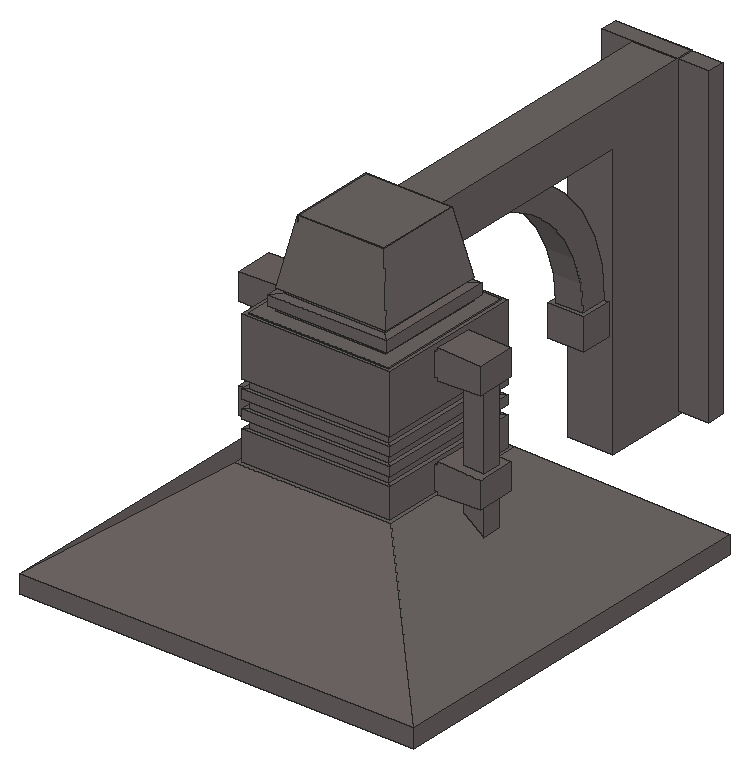
Revit family "PKWM_ANG_PSWM_BD", category Lighting Fixtures, Revit 2021
Family settings
  Round Connector Dimension = Use Diameter
  Part Type = Normal
  OmniClass Number = 23.80.70.14
  OmniClass Title = Luminaries for External Lighting
  Work Plane-Based = No
  Always vertical = Yes
  Cut with Voids When Loaded = No
  Light Source = No
  Shared = No
  Room Calculation Point = No
Parameters (values of type "PKWM ANG PSWM-BRM")
  Photometric Web = PKWM : PKWM-ANG-Y3HC-32LED-3K-700
  Mount Width = 8.000"  # constant formula
  Half Width = Width / 2  # 11.000"
  Width = 22.000"  # constant formula
  Wattage Comments = "LU100"
  Voltage = 277 V
  Type Comments = "Parkway Square"  # constant formula
  Half Base Width = Base Width / 2  # 2.375"
  built-in parameter 1154647 = 0.000"
  Default Elevation = 0.000"
  Hood Height = 7.15625"  # constant formula
  URL = "https://www.currentlighting.com/aal"
  Series = "Period Luminaires"  # constant formula
  Power Factor = 1  # constant formula
  OmniClass Title = "Wall Mounted External Lighting"  # constant formula
  OmniClass Number = "23.80.70.14.11.17"  # constant formula
  Number of Poles = 1
  Note Visible = yes
  Note Text = "LF"  # constant formula
  Model = "Load Type Catalog for configurations"
  MasterFormat Title = "Area Lighting"  # constant formula
  MasterFormat Number = "26.56.29"  # constant formula
  Manufacturer = "Architectural Area Lighting"  # constant formula
  Lamp = "Load Type Catalog for configurations"
  Housing Finish = Aluminum-Metalic Bronze
  Height = 18.375"  # constant formula
  Glazing Type = Glass-Frosted
  Full Load Current = 0.73 A  # constant formula
  Frequency = 60 Hz  # constant formula
  Description = "Exterior Lighting"  # constant formula
  Created By = "CADdetails, LTD"  # constant formula
  Base Width = 4.750"  # constant formula
  Assembly Code = "D5020200"
  Apparent Load = 57 VA
  Absolute Lumens = 9300 lm
Types (14): name | Photometric Web | URL | Housing Finish
  (no name) | PKWM : PKWM-ANG-Y3HC-32LED-3K-700 | "https://www.currentlighting.com/aal" | Aluminum-Metalic Bronze
  PKWM ANG PSWM-ATG | PKWM : PKWM-ANG-T5-60LED-BW | "https://www.currentlighting.com/aal" | Aluminum-Antique Green
  PKWM ANG PSWM-AWT | PKWM : PKWM-ANG-T3-60LED-BW | "https://www.currentlighting.com/aal" | Aluminum-Artic White
  PKWM ANG PSWM-BLK | PKWM : PKWM-ANG-T3-60LED-BW | "https://www.currentlighting.com/aal" | Aluminum-Black
  PKWM ANG PSWM-MTB | PKWM : PKWM-ANG-T3-60LED-BW | "https://www.currentlighting.com/aal" | Aluminum-Matte Black
  PKWM ANG PSWM-DGN | PKWM : PKWM-ANG-T3-60LED-BW | "www.aal.nethttps://www.currentlighting.com/aal" | Aluminum-Dark Green
  PKWM ANG PSWM-DBZ | PKWM : PKWM-ANG-T3-60LED-BW | "https://www.currentlighting.com/aal" | Aluminum-Dark Bronze
  PKWM ANG PSWM-WRZ | PKWM : PKWM-ANG-T3-60LED-BW | "https://www.currentlighting.com/aal" | Aluminum-Weathered Bronze
  PKWM ANG PSWM-BRM | PKWM : PKWM-ANG-Y3HC-32LED-3K-700 | "https://www.currentlighting.com/aal" | Aluminum-Metalic Bronze
  PKWM ANG PSWM-VBL | PKWM : PKWM-ANG-T3-60LED-BW | "https://www.currentlighting.com/aal" | Aluminum-Verde Blue
  PKWM ANG PSWM-CRT | PKWM : PKWM-ANG-T3-60LED-BW | "https://www.currentlighting.com/aal" | Aluminum-Corten
  PKWM ANG PSWM-MAL | PKWM : PKWM-ANG-T3-60LED-BW | "https://www.currentlighting.com/aal" | Aluminum-Matte
  PKWM ANG PSWM-MDG | PKWM : PKWM-ANG-T3-60LED-BW | "https://www.currentlighting.com/aal" | Aluminum-Medium Grey
  PKWM ANG PSWM-LGY | PKWM : PKWM-ANG-T3-60LED-BW | "https://www.currentlighting.com/aal" | Aluminum-Light Grey
Reference planes (in)
  plane 1 "Light Source Axis (F/B)": y = 2.77989
  plane 2 "Bottom": z = 0.00193
  plane 3 "Light Source Axis (L/R)": x = -1.14373
  plane 4 "Light Source Elevation": z = 2.87693
  plane 5 "Top": z = 18.37693
  plane 6: x = -3.51873
  plane 7 "Left": x = -12.14373
  plane 8: x = 1.23127
  plane 9 "Right": x = 9.85627
  plane 10: y = 5.15489
  plane 11 "Back": y = 13.77989
  plane 12: y = 0.40489
  plane 13 "Front": y = -8.22011
  plane 14 "Wall": y = 23.34239
  plane 15: z = 6.16588
  plane 16: z = 13.56443
  plane 17: y = 7.15489
  plane 18: y = -1.59511
Forms (in)
  Extrusion 1, solid, material "Aluminum-Metalic Bronze" <- "Housing Finish"
    sketch origin (0, 2.77989, 0) x (1, 0, 0) y (0, 0, 1)
      loop
        line (-3.51873, 6.16588) -> (1.23127, 6.16588) -> (1.23127, 18.37693) -> (-3.51873, 18.37693) -> (-3.51873, 6.16588)
    from -2.375 to 2.375
  Sweep 2, solid, material "Aluminum-Metalic Bronze" <- "Housing Finish", detail levels medium+fine
    path origin (0, 0, 0.00193) x (1, 0, 0) y (0, 1, 0)
      loop
        line (9.85627, 13.77989) -> (-12.14373, 13.77989) -> (-12.14373, -8.22011) -> (9.85627, -8.22011) -> (9.85627, 13.77989)
    profile origin (-1.14373, 13.77989, 0.00193) x (0, -1, 0) y (0, 0, 1)
      loop
        line (0, 0.1875) -> (6.625, 0.1875) -> (6.625, 6.03895) -> (8.625, 6.03895) -> (8.625, 18.375) -> (7.94127, 14.76725) -> (8.188, 14.75) -> (8.188, 14.5) -> (7.688, 14.48254) -> (7.688, 13.89248) -> (7.938, 13.875) -> (7.938, 13.625) -> (7.094, 13.625) -> (7.094, 13.5625) -> (6.875, 13.5625) -> (6.875, 10.32996) -> (7.125, 10.32123) -> (7.125, 9.82123) -> (6.875, 9.8125) -> (6.875, 9.32996) -> (7.125, 9.32123) -> (7.125, 8.82123) -> (6.875, 8.8125) -> (6.875, 8.32996) -> (7.125, 8.32123) -> (7.125, 7.82123) -> (6.875, 7.8125) -> (6.875, 6.16395) -> (6.656, 6.16395) -> (0, 1.1875) -> (0, 0.1875)
  Extrusion 3, solid, material "Aluminum-Metalic Bronze" <- "Housing Finish", detail levels fine
    sketch origin (0, 2.77989, 0) x (1, 0, 0) y (0, 0, 1)
      loop
        line (-7.89373, 13.41899) -> (-7.89373, 11.95987) -> (-5.51873, 11.87693) -> (-5.51873, 12.01066) -> (-5.26873, 12.01066) -> (-5.26873, 13.3052) -> (-5.51873, 13.3052) -> (-5.51873, 13.50193) -> (-7.89373, 13.41899)
      loop
        line (-7.89373, 7.73199) -> (-7.89373, 6.27287) -> (-5.51873, 6.18993) -> (-5.51873, 6.32366) -> (-5.26873, 6.32366) -> (-5.26873, 7.6182) -> (-5.51873, 7.6182) -> (-5.51873, 7.81493) -> (-7.89373, 7.73199)
      loop
        line (5.60627, 13.41899) -> (3.23127, 13.50193) -> (3.23127, 13.3052) -> (2.98127, 13.3052) -> (2.98127, 12.01066) -> (3.23127, 12.01066) -> (3.23127, 11.87693) -> (5.60627, 11.95987) -> (5.60627, 13.41899)
      loop
        line (5.60627, 7.73199) -> (3.23127, 7.81493) -> (3.23127, 7.6182) -> (2.98127, 7.6182) -> (2.98127, 6.32366) -> (3.23127, 6.32366) -> (3.23127, 6.18993) -> (5.60627, 6.27287) -> (5.60627, 7.73199)
    from -1.0625 to 1.0625
  Extrusion 4, solid, material "Aluminum-Metalic Bronze" <- "Housing Finish", detail levels fine
    sketch origin (0, 2.77989, 0) x (1, 0, 0) y (0, 0, 1)
      loop
        line (-7.64373, 11.95114) -> (-7.64373, 7.74072) -> (-6.51873, 7.78001) -> (-6.51873, 11.91185) -> (-7.64373, 11.95114)
      loop
        line (-7.64373, 6.26414) -> (-7.64373, 4.55392) -> (-6.51873, 5.39504) -> (-6.51873, 6.22485) -> (-7.64373, 6.26414)
      loop
        line (5.35627, 11.95114) -> (4.23127, 11.91185) -> (4.23127, 7.78001) -> (5.35627, 7.74072) -> (5.35627, 11.95114)
      loop
        line (5.35627, 6.26414) -> (4.23127, 6.22485) -> (4.23127, 5.39504) -> (5.35627, 4.55392) -> (5.35627, 6.26414)
    from -0.52758 to 0.52758
  Extrusion 5, solid, material "Glass-Frosted" <- "Glazing Type"
    sketch origin (3.23127, 7.15489, 0.18943) x (0, 1, 0) y (1, 0, 0)
      loop
        line (0, -8.75) -> (0, 0) -> (-8.75, 0) -> (-8.75, -8.75) -> (0, -8.75)
    from 0 to -0.125
  Extrusion 6, solid, material "Aluminum-Metalic Bronze" <- "Housing Finish", detail levels medium+fine
    sketch origin (-1.14373, 0, 0) x (0, 1, 0) y (0, 0, 1)
      loop
        line (22.34239, 17.81443) -> (22.34239, 0.25193) -> (23.34239, 0.25193) -> (23.34239, 17.81443) -> (22.34239, 17.81443)
    from -3 to 3
  Extrusion 7, solid, material "Aluminum-Metalic Bronze" <- "Housing Finish", detail levels medium+fine
    sketch origin (-1.14373, 23.34239, 9.18943) x (0, -1, 0) y (0, 0, -1)
      loop
        arc (14.7625, -6.125) -> (9.28242, -3.85508) -> (7.0125, 1.625) r 7.75
        line (7.0125, 1.625) -> (5.5125, 1.625)
        arc (5.5125, 1.625) -> (6.63007, -2.78251) -> (9.71275, -6.125) r 9.25
        line (9.71275, -6.125) -> (14.7625, -6.125)
    from 0.75 to -0.75
  Extrusion 8, solid, material "Aluminum-Metalic Bronze" <- "Housing Finish", detail levels fine
    sketch origin (-1.14373, 0, 0) x (0, 1, 0) y (0, 0, 1)
      loop
        line (16.07989, 7.56443) -> (16.07989, 5.81443) -> (17.82989, 5.81443) -> (17.82989, 7.56443) -> (16.07989, 7.56443)
    from -1 to 1
  Extrusion 9, solid, material "Aluminum-Metalic Bronze" <- "Housing Finish"
    sketch origin (-1.14373, 0, 0) x (0, 1, 0) y (0, 0, 1)
      loop
        line (5.26149, 17.81443) -> (5.73529, 15.31443) -> (17.82989, 15.31443) -> (17.82989, 0.00193) -> (23.34239, 0.00193) -> (23.34239, 17.81443) -> (5.26149, 17.81443)
    from -1.25 to 1.25
Cuts and joins
  joined: Extrusion 6, Extrusion 7
  joined: Extrusion 1, Extrusion 9
Lines and regions (in)
  Masking region 1
    outline origin (0, 0, 2.87693) x (0, -1, 0) y (1, 0, 0)
      loop
        line (-13.77989, -12.14373) -> (8.22011, -12.14373) -> (8.22011, 9.85627) -> (-13.77989, 9.85627) -> (-13.77989, 0.85627) -> (-21.84239, 0.85627) -> (-21.84239, 1.35627) -> (-22.34239, 1.35627) -> (-22.34239, 1.85627) -> (-23.34239, 1.85627) -> (-23.34239, -4.14373) -> (-22.34239, -4.14373) -> (-22.34239, -3.64373) -> (-21.84239, -3.64373) -> (-21.84239, -3.14373) -> (-13.77989, -3.14373) -> (-13.77989, -12.14373)
  Masking region 2, detail levels medium+fine
    outline origin (0, 0, 2.87693) x (0, -1, 0) y (1, 0, 0)
      loop
        line (-7.15489, -5.51873) -> (1.59511, -5.51873) -> (1.59511, 3.23127) -> (-7.15489, 3.23127) -> (-7.15489, 0.85627) -> (-17.39239, 0.85627) -> (-17.39239, 0.10627) -> (-19.70489, 0.10627) -> (-19.70489, -2.39373) -> (-17.39239, -2.39373) -> (-17.39239, -3.14373) -> (-7.15489, -3.14373) -> (-7.15489, -5.51873)
      loop
        line (-22.34239, -3.64373) -> (-21.84239, -3.64373) -> (-21.84239, 1.35627) -> (-22.34239, 1.35627) -> (-22.34239, -3.64373)
  Masking region 3, detail levels fine
    outline origin (0, 0, 2.87693) x (0, -1, 0) y (1, 0, 0)
      loop
        line (-6.09189, -4.45573) -> (0.53211, -4.45573) -> (0.53211, 2.16827) -> (-6.09189, 2.16827) -> (-6.09189, -4.45573)
      loop
        line (-5.59189, -3.95573) -> (0.03211, -3.95573) -> (0.03211, 1.66827) -> (-5.59189, 1.66827) -> (-5.59189, -3.95573)
      loop
        line (-20.32989, -3.14373) -> (-13.77989, -3.14373) -> (-13.77989, 0.85627) -> (-20.32989, 0.85627) -> (-20.32989, -3.14373)
  Masking region 4, detail levels medium+fine
    outline origin (-1.14373, 0, 0) x (0, 1, 0) y (0, 0, 1)
      loop
        line (13.77989, 0.18943) -> (13.77989, 1.18943) -> (7.12389, 6.16588) -> (6.90489, 6.16588) -> (6.90489, 7.81443) -> (6.65489, 7.82316) -> (6.65489, 8.32316) -> (6.90489, 8.33189) -> (6.90489, 8.81443) -> (6.65489, 8.82316) -> (6.65489, 9.32316) -> (6.90489, 9.33189) -> (6.90489, 9.81443) -> (6.65489, 9.82316) -> (6.65489, 10.32316) -> (6.90489, 10.33189) -> (6.90489, 13.56443) -> (6.68589, 13.56443) -> (6.68589, 13.62693) -> (5.84189, 13.62693) -> (5.84189, 13.87693) -> (6.09189, 13.89441) -> (6.09189, 14.48447) -> (5.59189, 14.50193) -> (5.59189, 14.75193) -> (5.83862, 14.76918) -> (5.15489, 18.37693) -> (0.40489, 18.37693) -> (-0.27884, 14.76918) -> (-0.03211, 14.75193) -> (-0.03211, 14.50193) -> (-0.53211, 14.48447) -> (-0.53211, 13.89441) -> (-0.28211, 13.87693) -> (-0.28211, 13.62693) -> (-1.12611, 13.62693) -> (-1.12611, 13.56443) -> (-1.34511, 13.56443) -> (-1.34511, 10.33189) -> (-1.09511, 10.32316) -> (-1.09511, 9.82316) -> (-1.34511, 9.81443) -> (-1.34511, 9.33189) -> (-1.09511, 9.32316) -> (-1.09511, 8.82316) -> (-1.34511, 8.81443) -> (-1.34511, 8.33189) -> (-1.09511, 8.32316) -> (-1.09511, 7.82316) -> (-1.34511, 7.81443) -> (-1.34511, 6.16588) -> (-1.56411, 6.16588) -> (-8.22011, 1.18943) -> (-8.22011, 0.18943) -> (-7.78261, 0.18943) -> (-7.78261, 0.00193) -> (2.40489, 0.00193) -> (2.40489, 0.18943) -> (3.15489, 0.18943) -> (3.15489, 0.00193) -> (13.34239, 0.00193) -> (13.34239, 0.18943) -> (13.77989, 0.18943)
  Masking region 5, detail levels medium+fine
    outline origin (-1.14373, 23.34239, 9.18943) x (0, -1, 0) y (0, 0, -1)
      loop
        line (3.0125, -8.625) -> (18.0809, -8.625) -> (17.6071, -6.125) -> (14.7625, -6.125)
        arc (14.7625, -6.125) -> (9.28242, -3.85508) -> (7.0125, 1.625) r 7.75
        line (7.0125, 1.625) -> (7.2625, 1.625) -> (7.2625, 3.375) -> (5.5125, 3.375) -> (5.5125, 9) -> (3.6375, 10) -> (3.0125, 10) -> (3.0125, 6.375) -> (1.5, 6.375) -> (1.5, 8.4375) -> (1, 8.4375) -> (1, 8.9375) -> (0, 8.9375) -> (0, -8.625) -> (1, -8.625) -> (1, -8.125) -> (1.5, -8.125) -> (1.5, -5.625) -> (3.0125, -5.625) -> (3.0125, -8.625)
      loop
        line (5.5125, -6.125) -> (9.71275, -6.125)
        arc (9.71275, -6.125) -> (6.63007, -2.78251) -> (5.5125, 1.625) r 9.25
        line (5.5125, 1.625) -> (5.5125, -6.125)
      loop
        line (3.0125, 2.375) -> (1.5, 2.375) -> (1.5, -2.75) -> (3.0125, -2.75) -> (3.0125, 2.375)
  Masking region 6, detail levels fine
    outline origin (-1.14373, 0, 0) x (0, 1, 0) y (0, 0, 1)
      loop
        line (3.84239, 11.87693) -> (3.84239, 13.50193) -> (1.71739, 13.50193) -> (1.71739, 11.87693) -> (2.25231, 11.87693) -> (2.25231, 7.81493) -> (1.71739, 7.81493) -> (1.71739, 6.18993) -> (2.25231, 6.18993) -> (2.25231, 4.55392) -> (3.30747, 4.55392) -> (3.30747, 6.18993) -> (3.84239, 6.18993) -> (3.84239, 7.81493) -> (3.30747, 7.81493) -> (3.30747, 11.87693) -> (3.84239, 11.87693)
      loop
        line (21.84239, 14.81443) -> (19.07989, 14.81443) -> (19.07989, 11.93943) -> (21.84239, 11.93943) -> (21.84239, 14.81443)
      loop
        line (21.84239, 6.81443) -> (19.07989, 6.81443) -> (19.07989, 2.81443) -> (21.84239, 2.81443) -> (21.84239, 6.81443)
      loop
        line (17.82989, 7.56443) -> (16.07989, 7.56443) -> (16.07989, 5.81443) -> (17.82989, 5.81443) -> (17.82989, 7.56443)
  Masking region 7, detail levels coarse
    outline origin (-1.14373, 0, 0) x (0, 1, 0) y (0, 0, 1)
      loop
        line (23.34239, 18.37693) -> (-1.59511, 18.37693) -> (-1.59511, 6.1427) -> (-8.22011, 1.18943) -> (-8.22011, 0.00193) -> (13.77989, 0.00193) -> (13.77989, 1.18943) -> (7.15489, 6.1427) -> (7.15489, 15.31443) -> (17.82989, 15.31443) -> (17.82989, 0.00193) -> (23.34239, 0.00193) -> (23.34239, 18.37693)
  Masking region 8, detail levels medium+fine
    outline origin (0, 2.77989, 0) x (1, 0, 0) y (0, 0, 1)
      loop
        line (-12.14373, 1.18943) -> (-12.14373, 0.18943) -> (-11.70623, 0.18943) -> (-11.70623, 0.00193) -> (-1.51218, 0.00193) -> (-1.51218, 0.18943) -> (-0.77528, 0.18943) -> (-0.77528, 0.00193) -> (9.41877, 0.00193) -> (9.41877, 0.18943) -> (9.85627, 0.18943) -> (9.85627, 1.18943) -> (5.35627, 4.55392) -> (5.35627, 6.26414) -> (5.60627, 6.27287) -> (5.60627, 7.73199) -> (5.35627, 7.74072) -> (5.35627, 11.95114) -> (5.60627, 11.95987) -> (5.60627, 13.41899) -> (3.23127, 13.50193) -> (3.23127, 13.3052) -> (2.98127, 13.3052) -> (2.98127, 13.56443) -> (2.76227, 13.56443) -> (2.76227, 13.62693) -> (1.91827, 13.62693) -> (1.91827, 13.87693) -> (2.16827, 13.89441) -> (2.16827, 14.48447) -> (1.66827, 14.50193) -> (1.66827, 14.75193) -> (1.915, 14.76918) -> (1.23127, 18.37693) -> (-3.51873, 18.37693) -> (-4.20246, 14.76918) -> (-3.95573, 14.75193) -> (-3.95573, 14.50193) -> (-4.45573, 14.48447) -> (-4.45573, 13.89441) -> (-4.20573, 13.87693) -> (-4.20573, 13.62693) -> (-5.04973, 13.62693) -> (-5.04973, 13.56443) -> (-5.26873, 13.56443) -> (-5.26873, 13.3052) -> (-5.51873, 13.3052) -> (-5.51873, 13.50193) -> (-7.89373, 13.41899) -> (-7.89373, 11.95987) -> (-7.64373, 11.95114) -> (-7.64373, 7.74072) -> (-7.89373, 7.73199) -> (-7.89373, 6.27287) -> (-7.64373, 6.26414) -> (-7.64373, 4.55392) -> (-12.14373, 1.18943)
      loop
        line (-6.51873, 5.39504) -> (-5.48773, 6.16588) -> (-5.26873, 6.16588) -> (-5.26873, 6.32366) -> (-5.51873, 6.32366) -> (-5.51873, 6.18993) -> (-6.51873, 6.22485) -> (-6.51873, 5.39504)
      loop
        line (-6.51873, 7.78001) -> (-5.51873, 7.81493) -> (-5.51873, 7.6182) -> (-5.26873, 7.6182) -> (-5.26873, 7.81443) -> (-5.01873, 7.82316) -> (-5.01873, 8.32316) -> (-5.26873, 8.33189) -> (-5.26873, 8.81443) -> (-5.01873, 8.82316) -> (-5.01873, 9.32316) -> (-5.26873, 9.33189) -> (-5.26873, 9.81443) -> (-5.01873, 9.82316) -> (-5.01873, 10.32316) -> (-5.26873, 10.33189) -> (-5.26873, 12.01066) -> (-5.51873, 12.01066) -> (-5.51873, 11.87693) -> (-6.51873, 11.91185) -> (-6.51873, 7.78001)
      loop
        line (2.98127, 6.32366) -> (2.98127, 6.16588) -> (3.20027, 6.16588) -> (4.23127, 5.39504) -> (4.23127, 6.22485) -> (3.23127, 6.18993) -> (3.23127, 6.32366) -> (2.98127, 6.32366)
      loop
        line (4.23127, 11.91185) -> (3.23127, 11.87693) -> (3.23127, 12.01066) -> (2.98127, 12.01066) -> (2.98127, 10.33189) -> (2.73127, 10.32316) -> (2.73127, 9.82316) -> (2.98127, 9.81443) -> (2.98127, 9.33189) -> (2.73127, 9.32316) -> (2.73127, 8.82316) -> (2.98127, 8.81443) -> (2.98127, 8.33189) -> (2.73127, 8.32316) -> (2.73127, 7.82316) -> (2.98127, 7.81443) -> (2.98127, 7.6182) -> (3.23127, 7.6182) -> (3.23127, 7.81493) -> (4.23127, 7.78001) -> (4.23127, 11.91185)
  Masking region 9, detail levels coarse
    outline origin (-12.14373, 2.77989, 9.18943) x (1, 0, 0) y (0, 0, 1)
      loop
        line (6.625, 9.1875) -> (6.625, -3.04673) -> (0, -8) -> (0, -9.1875) -> (22, -9.1875) -> (22, -8) -> (15.375, -3.04673) -> (15.375, 9.1875) -> (6.625, 9.1875)
  symbolic lines, style "LightingFixturesHiddenLines", detail levels coarse
    curve 1: line (-12.14373, 13.77989, 2.87693) -> (9.85627, -8.22011, 2.87693)
    curve 2: line (9.85627, 13.77989, 2.87693) -> (-12.14373, -8.22011, 2.87693)
  symbolic lines, detail levels fine
    curve 3: line (-12.14373, 13.77989, 2.87693) -> (-5.60899, 7.24515, 2.87693)
    curve 4: line (9.85627, 13.77989, 2.87693) -> (3.32153, 7.24515, 2.87693)
    curve 5: line (9.85627, -8.22011, 2.87693) -> (3.32153, -1.68537, 2.87693)
    curve 6: line (-5.60899, -1.68537, 2.87693) -> (-12.14373, -8.22011, 2.87693)
    curve 8: line (-1.14373, 22.34239, 17.81443) -> (-1.14373, 22.34239, 0.25193)
    curve 9: line (-1.14373, -0.27884, 14.76918) -> (-1.14373, 5.83862, 14.76918)
    curve 10: line (-1.14373, -0.53211, 14.48447) -> (-1.14373, 6.09189, 14.48447)
    curve 11: line (-1.14373, -0.53211, 13.89441) -> (-1.14373, 6.09189, 13.89441)
    curve 12: line (-1.14373, 6.68589, 13.62693) -> (-1.14373, -1.12611, 13.62693)
    curve 13: line (-1.14373, 6.90489, 13.56443) -> (-1.14373, -1.34511, 13.56443)
    curve 14: line (-1.14373, 3.84239, 11.87693) -> (-1.14373, 1.71739, 11.87693)
    curve 15: line (-1.14373, 6.90489, 7.81493) -> (-1.14373, -1.34511, 7.81493)
    curve 16: line (-1.14373, 3.84239, 6.18993) -> (-1.14373, 1.71739, 6.18993)
    curve 17: line (-1.14373, 3.30747, 5.39504) -> (-1.14373, 2.25231, 5.39504)
    curve 18: line (-1.14373, -1.34511, 10.33189) -> (-1.14373, 2.25231, 10.33189)
    curve 19: line (-1.14373, -1.34511, 9.81443) -> (-1.14373, 2.25231, 9.81443)
    curve 20: line (-1.14373, -1.34511, 9.33189) -> (-1.14373, 2.25231, 9.33189)
    curve 21: line (-1.14373, -1.34511, 8.81443) -> (-1.14373, 2.25231, 8.81443)
    curve 22: line (-1.14373, -1.34511, 8.33189) -> (-1.14373, 2.25231, 8.33189)
    curve 23: line (-1.14373, 6.90489, 6.16588) -> (-1.14373, 3.30747, 6.16588)
    curve 24: line (-1.14373, 2.25231, 6.16588) -> (-1.14373, -1.34511, 6.16588)
    curve 25: line (-1.14373, 3.30747, 8.33189) -> (-1.14373, 6.90489, 8.33189)
    curve 26: line (-1.14373, 3.30747, 8.81443) -> (-1.14373, 6.90489, 8.81443)
    curve 27: line (-1.14373, 3.30747, 9.33189) -> (-1.14373, 6.90489, 9.33189)
    curve 28: line (-1.14373, 3.30747, 9.81443) -> (-1.14373, 6.90489, 9.81443)
    curve 29: line (-1.14373, 3.30747, 10.33189) -> (-1.14373, 6.90489, 10.33189)
    curve 30: line (-1.14373, -8.22011, 0.18943) -> (-1.14373, 13.77989, 0.18943)
    curve 31: line (-1.14373, 5.73529, 15.31443) -> (-1.14373, 17.82989, 15.31443)
    curve 33: line (1.915, 2.77989, 14.76918) -> (-4.20246, 2.77989, 14.76918)
    curve 34: line (2.16827, 2.77989, 14.48447) -> (-4.45573, 2.77989, 14.48447)
    curve 35: line (2.16827, 2.77989, 13.89441) -> (-4.45573, 2.77989, 13.89441)
    curve 36: line (2.76227, 2.77989, 13.62693) -> (-5.04973, 2.77989, 13.62693)
    curve 37: line (2.98127, 2.77989, 13.56443) -> (-5.26873, 2.77989, 13.56443)
    curve 38: line (-5.26873, 2.77989, 13.56443) -> (-5.26873, 2.77989, 10.33189)
    curve 39: line (2.98127, 2.77989, 10.33189) -> (2.98127, 2.77989, 13.56443)
    curve 40: line (2.98127, 2.77989, 10.33189) -> (-5.26873, 2.77989, 10.33189)
    curve 41: line (2.98127, 2.77989, 9.81443) -> (-4.89373, 2.77989, 9.81443)
    curve 42: line (2.98127, 2.77989, 8.81443) -> (-5.26873, 2.77989, 8.81443)
    curve 43: line (2.98127, 2.77989, 8.33189) -> (-5.26873, 2.77989, 8.33189)
    curve 44: line (2.98127, 2.77989, 7.81443) -> (-5.26873, 2.77989, 7.81443)
    curve 45: line (-5.26873, 2.77989, 7.81443) -> (-5.26873, 2.77989, 6.16588)
    curve 46: line (2.98127, 2.77989, 6.16588) -> (2.98127, 2.77989, 7.81443)
    curve 47: line (-7.89373, 2.77989, 11.95987) -> (-5.51873, 2.77989, 11.87693)
    curve 48: line (3.23127, 2.77989, 11.87693) -> (5.60627, 2.77989, 11.95987)
    curve 49: line (-5.51873, 2.77989, 7.81493) -> (-7.89373, 2.77989, 7.73199)
    curve 50: line (-7.89373, 2.77989, 6.27287) -> (-6.51873, 2.77989, 6.22485)
    curve 51: line (2.98127, 2.77989, 6.16588) -> (-5.26873, 2.77989, 6.16588)
    curve 52: line (4.23127, 2.77989, 6.22485) -> (5.60627, 2.77989, 6.27287)
    curve 53: line (5.60627, 2.77989, 7.73199) -> (3.23127, 2.77989, 7.81493)
    curve 54: line (-5.48773, 2.77989, 6.16588) -> (-12.14373, 2.77989, 1.18943)
    curve 55: line (9.85627, 2.77989, 1.18943) -> (3.20027, 2.77989, 6.16588)
    curve 56: line (-12.14373, 2.77989, 0.18943) -> (9.85627, 2.77989, 0.18943)
    curve 57: line (2.98127, 2.77989, 9.33189) -> (-5.26873, 2.77989, 9.33189)
    curve 58: line (-5.51873, 1.71739, 0.00193) -> (-7.89373, 1.71739, 0.00193)
    curve 59: line (-7.89373, 1.71739, 0.00193) -> (-7.89373, 3.84239, 0.00193)
    curve 60: line (-7.89373, 3.84239, 0.00193) -> (-5.51873, 3.84239, 0.00193)
    curve 61: line (3.23127, 1.71739, 0.00193) -> (5.60627, 1.71739, 0.00193)
    curve 62: line (5.60627, 1.71739, 0.00193) -> (5.60627, 3.84239, 0.00193)
    curve 63: line (5.60627, 3.84239, 0.00193) -> (3.23127, 3.84239, 0.00193)
  reference lines
    curve 7: line (-1.14373, 23.34239, 9.18943) -> (-1.14373, -8.22011, 9.18943)
    curve 32: line (-12.14373, 2.77989, 9.18943) -> (9.85627, 2.77989, 9.18943)
Dimensions and locks (in)
  "Height": plane 5 "Top" to plane 2 "Bottom"
  "Default Elevation": plane 2 "Bottom" to level
  "Half Width": plane 3 "Light Source Axis (L/R)" to plane 7 "Left"
  "Half Width": plane 9 "Right" to plane 3 "Light Source Axis (L/R)"
  "Half Base Width": plane 3 "Light Source Axis (L/R)" to plane 6
  "Half Base Width": plane 8 to plane 3 "Light Source Axis (L/R)"
  "Half Width": plane 11 "Back" to plane 1 "Light Source Axis (F/B)"
  "Half Width": plane 13 "Front" to plane 1 "Light Source Axis (F/B)"
  "Half Base Width": plane 12 to plane 1 "Light Source Axis (F/B)"
  "Half Base Width": plane 1 "Light Source Axis (F/B)" to plane 10
  locked: plane 14 "Wall" to plane 12 at 22.9375
  locked: plane 4 "Light Source Elevation" to plane 2 "Bottom" at 2.875
  locked: plane 15 to plane 2 "Bottom" at 6.16395
  locked: plane 5 "Top" to plane 16 at 4.8125
  locked: plane 15 to Sweep 2 sketch curve at 0.125
  locked: profile plane to Sweep 2 sketch curve at 6.625
  locked: Sweep 2 sketch curve to profile plane at 0.1875
  locked: plane 13 "Front" to Extrusion 5 sketch curve at 6.625
  locked: plane 11 "Back" to Extrusion 5 sketch curve at 6.625
  locked: plane 7 "Left" to Extrusion 5 sketch curve at 6.625
  locked: Extrusion 5 sketch curve to plane 9 "Right" at 6.625
  locked: Extrusion 5 to plane 2 "Bottom" at 0.3125
  Extrusion 6 to Extrusion 8 to Extrusion 7 to plane 3 "Light Source Axis (L/R)" to Extrusion 7 to Extrusion 8 to Extrusion 6 = 2.000", 0.250" locked, 0.750" locked, 0.750" locked, 0.250" locked, 2.000"
  plane 5 "Top" to Extrusion 6 sketch curve to Extrusion 6 sketch curve = 0.5625" locked, 17.5625" locked
  locked: plane 14 "Wall" to Extrusion 6 sketch curve at 1
  plane 14 "Wall" to Extrusion 8 sketch curve to Extrusion 8 sketch curve = 5.5125" locked, 1.750" locked
  plane 5 "Top" to Extrusion 8 sketch curve to Extrusion 8 sketch curve = 10.8125" locked, 1.750" locked
  plane 5 "Top" to Extrusion 7 sketch curve to Extrusion 7 sketch curve = 3.0625" locked, 7.750" locked
  plane 14 "Wall" to Extrusion 7 sketch curve to Extrusion 7 sketch curve = 5.5125" locked, 1.500" locked
  equal spacing: plane 5 "Top", curve 7, plane 2 "Bottom"
  plane 5 "Top" to Extrusion 9 sketch curve to Extrusion 9 sketch curve = 0.5625" locked, 2.500" locked
  locked: plane 14 "Wall" to Extrusion 9 sketch curve at 5.5125
  Masking region 1 sketch curve to Masking region 1 sketch curve to plane 6 to Masking region 1 sketch curve = 0.500" locked, 0.125" locked, 0.375" locked
  Masking region 1 sketch curve to plane 8 to Masking region 1 sketch curve to Masking region 1 sketch curve = 0.375" locked, 0.125" locked, 0.500" locked
  equal spacing: plane 5 "Top", curve 32, plane 2 "Bottom"
  aligned and locked: plane 5 "Top" to Extrusion 1 sketch curve
  aligned and locked: Extrusion 1 sketch curve to plane 6
  aligned and locked: Extrusion 1 sketch curve to plane 8
  aligned and locked: plane 10 to Extrusion 1
  aligned and locked: plane 12 to Extrusion 1
  aligned and locked: plane 1 "Light Source Axis (F/B)" to nested 1
  aligned and locked: plane 3 "Light Source Axis (L/R)" to nested 1
  aligned and locked: Masking region 1 sketch curve to plane 13 "Front"
  aligned and locked: plane 7 "Left" to Masking region 1 sketch curve
  aligned and locked: plane 9 "Right" to Masking region 1 sketch curve
  aligned and locked: Masking region 1 sketch curve to plane 11 "Back"  (x2)
  aligned and locked: plane 9 "Right" to curve 1
  aligned and locked: plane 13 "Front" to curve 1
  aligned and locked: plane 11 "Back" to curve 2
  aligned and locked: plane 11 "Back" to curve 1
  aligned and locked: plane 13 "Front" to curve 2
  aligned and locked: plane 7 "Left" to curve 2
  aligned and locked: plane 14 "Wall" to Masking region 1 sketch curve
  aligned and locked: plane 11 "Back" to Sweep 2 sketch curve
  aligned and locked: Sweep 2 sketch curve to plane 7 "Left"
  aligned and locked: Sweep 2 sketch curve to plane 9 "Right"
  aligned and locked: plane 13 "Front" to Sweep 2 sketch curve
  aligned and locked: plane 10 to Sweep 2 sketch curve
  aligned and locked: Sweep 2 sketch curve to profile plane
  aligned and locked: Sweep 2 sketch curve to plane 15
  aligned and locked: Sweep 2 sketch curve to plane 16
  aligned and locked: plane 5 "Top" to Sweep 2 sketch curve
  aligned and locked: Extrusion 1 sketch curve to plane 15
  aligned and locked: Sweep 2 to Extrusion 4 sketch curve
  aligned and locked: Extrusion 4 sketch curve to Sweep 2
  aligned and locked: Sweep 2 to Extrusion 5
  aligned and locked: Extrusion 6 sketch curve to plane 14 "Wall"
  aligned and locked: plane 13 "Front" to curve 7
  aligned and locked: plane 14 "Wall" to curve 7
  aligned and locked: Sweep 2 to Extrusion 9 sketch curve
  aligned and locked: Extrusion 9 sketch curve to plane 14 "Wall"
  aligned and locked: Extrusion 9 sketch curve to plane 2 "Bottom"
  aligned and locked: Sweep 2 to Masking region 2 sketch curve  (x2)
  aligned and locked: plane 18 to Masking region 2 sketch curve
  aligned and locked: Masking region 2 sketch curve to plane 17
  aligned and locked: cut or joined group of Extrusion 6, Extrusion 7 to Masking region 2 sketch curve
  aligned and locked: Masking region 2 sketch curve to Masking region 3  (x2)
  aligned and locked: plane 11 "Back" to Masking region 3 sketch curve
  aligned and locked: Masking region 4 sketch curve to Sweep 2  (x49)
  aligned and locked: plane 15 to Masking region 4 sketch curve
  aligned and locked: plane 16 to Masking region 4 sketch curve
  aligned and locked: plane 5 "Top" to Masking region 4 sketch curve
  aligned and locked: Masking region 4 sketch curve to plane 15
  aligned and locked: Masking region 4 sketch curve to plane 13 "Front"
  aligned and locked: plane 2 "Bottom" to Masking region 4 sketch curve
  aligned and locked: Sweep 2 to Masking region 5 sketch curve
  aligned and locked: Masking region 5 sketch curve to cut or joined group of Extrusion 6, Extrusion 7  (x7)
  aligned and locked: Extrusion 8 to Masking region 5 sketch curve
  aligned and locked: Masking region 5 sketch curve to Extrusion 8  (x2)
  aligned and locked: Extrusion 3 to Masking region 6 sketch curve  (x4)
  aligned and locked: Masking region 6 sketch curve to Extrusion 3  (x7)
  aligned and locked: Extrusion 4 to Masking region 6 sketch curve  (x3)
  aligned and locked: Masking region 6 sketch curve to Extrusion 4  (x2)
  aligned and locked: Masking region 6 sketch curve to Extrusion 8  (x3)
  aligned and locked: curve 8 to cut or joined group of Extrusion 6, Extrusion 7
  aligned and locked: curve 9 to Sweep 2
  aligned and locked: curve 10 to Sweep 2
  aligned and locked: curve 11 to Sweep 2
  aligned and locked: Sweep 2 to curve 12
  aligned and locked: Sweep 2 to curve 13
  aligned and locked: curve 14 to Extrusion 3
  aligned and locked: curve 15 to Extrusion 3
  aligned and locked: curve 15 to Sweep 2
  aligned and locked: curve 16 to Extrusion 3
  aligned and locked: curve 17 to Extrusion 4
  aligned and locked: Sweep 2 to curve 18
  aligned and locked: Sweep 2 to curve 19
  aligned and locked: Sweep 2 to curve 20
  aligned and locked: Sweep 2 to curve 21
  aligned and locked: Sweep 2 to curve 22
  aligned and locked: Sweep 2 to curve 23
  aligned and locked: curve 22 to curve 25
  aligned and locked: curve 21 to curve 26
  aligned and locked: curve 20 to curve 27
  aligned and locked: curve 19 to curve 28
  aligned and locked: curve 18 to curve 29
  aligned and locked: curve 23 to curve 24
  aligned and locked: curve 30 to Sweep 2
  aligned and locked: curve 31 to Sweep 2
  aligned and locked: plane 5 "Top" to Masking region 7 sketch curve
  aligned and locked: Masking region 7 sketch curve to plane 18
  aligned and locked: Sweep 2 to Masking region 7 sketch curve
  aligned and locked: Masking region 7 sketch curve to plane 13 "Front"
  aligned and locked: plane 2 "Bottom" to Masking region 7 sketch curve
  aligned and locked: plane 11 "Back" to Masking region 7 sketch curve
  aligned and locked: Masking region 7 sketch curve to Sweep 2
  aligned and locked: Masking region 7 sketch curve to plane 17
  aligned and locked: plane 14 "Wall" to Masking region 7 sketch curve
  aligned and locked: Masking region 7 sketch curve to plane 2 "Bottom"
  aligned and locked: Masking region 8 sketch curve to Sweep 2  (x52)
  aligned and locked: Sweep 2 to Masking region 8 sketch curve  (x8)
  aligned and locked: Masking region 8 sketch curve to Extrusion 4  (x7)
  aligned and locked: Masking region 8 sketch curve to Extrusion 3  (x28)
  aligned and locked: Extrusion 3 to Masking region 8 sketch curve  (x6)
  aligned and locked: Masking region 8 sketch curve to plane 5 "Top"
  aligned and locked: Extrusion 4 to Masking region 8 sketch curve
  aligned and locked: Masking region 8 sketch curve to plane 2 "Bottom"  (x2)
  aligned and locked: plane 7 "Left" to curve 32
  aligned and locked: plane 9 "Right" to curve 32
  aligned and locked: Extrusion 3 sketch curve to Sweep 2
  aligned and locked: Sweep 2 to Extrusion 3 sketch curve
  aligned and locked: curve 33 to Sweep 2
  aligned and locked: curve 34 to Sweep 2
  aligned and locked: curve 35 to Sweep 2
  aligned and locked: curve 36 to Sweep 2
  aligned and locked: curve 37 to Sweep 2
  aligned and locked: curve 38 to Sweep 2
  aligned and locked: curve 39 to Sweep 2
  aligned and locked: curve 40 to Sweep 2
  aligned and locked: curve 41 to Sweep 2
  aligned and locked: curve 42 to Sweep 2
  aligned and locked: curve 43 to Sweep 2
  aligned and locked: curve 44 to Sweep 2
  aligned and locked: curve 45 to Sweep 2
  aligned and locked: curve 46 to Sweep 2
  aligned and locked: curve 47 to Extrusion 3
  aligned and locked: curve 48 to Extrusion 3
  aligned and locked: curve 49 to Extrusion 3
  aligned and locked: curve 50 to Extrusion 3
  aligned and locked: Sweep 2 to curve 51
  aligned and locked: Extrusion 4 to Extrusion 3
  aligned and locked: curve 53 to Extrusion 3
  aligned and locked: curve 54 to Sweep 2
  aligned and locked: curve 55 to Sweep 2
  aligned and locked: curve 56 to Sweep 2
  aligned and locked: curve 57 to Sweep 2
  aligned and locked: Sweep 2 to Masking region 9 sketch curve
  aligned and locked: Masking region 9 sketch curve to plane 7 "Left"
  aligned and locked: Masking region 9 sketch curve to plane 2 "Bottom"
  aligned and locked: plane 9 "Right" to Masking region 9 sketch curve
  aligned and locked: Masking region 9 sketch curve to Sweep 2
  aligned and locked: Masking region 9 sketch curve to plane 5 "Top"
  aligned and locked: Masking region 2 sketch curve to Masking region 2 sketch curve
  aligned: curve 63 to Extrusion 3
  aligned and locked: nested 2 to plane 3 "Light Source Axis (L/R)"
  aligned and locked: nested 2 to plane 1 "Light Source Axis (F/B)"
Automatic sketch dimensions
  curve 4 to plane 9 "Right" = 0.000"
  curve 4 to plane 11 "Back" = 0.000"
  curve 3 to plane 7 "Left" = 0.000"
  curve 3 to plane 11 "Back" = 0.000"
  curve 5 to plane 9 "Right" = 0.000"
  curve 5 to plane 13 "Front" = 0.000"
  curve 6 to plane 7 "Left" = 0.000"
  curve 6 to plane 13 "Front" = 0.000"
  curve 1 to plane 7 "Left" = 0.000"
  curve 2 to plane 9 "Right" = 0.000"
  plane 10 to curve 3 = 2.09026"
  plane 10 to curve 4 = 2.09026"
  plane 12 to curve 5 = 2.09026"
  plane 12 to curve 6 = 2.09026"
  curve 3 to plane 6 = 2.09026"
  curve 6 to plane 6 = 2.09026"
  curve 4 to plane 8 = 2.09026"
  curve 5 to plane 8 = 2.09026"
  Masking region 1 sketch curve to Masking region 1 sketch curve = 1.000"  (x2)
  Masking region 1 sketch curve to Masking region 1 sketch curve = 0.500"  (x2)
  Sweep 2 sketch curve to Sweep 2 sketch curve = 0.031"
  Sweep 2 sketch curve to Sweep 2 sketch curve = 0.219"  (x2)
  Sweep 2 sketch curve to Sweep 2 sketch curve = 1.750"
  Sweep 2 sketch curve to Sweep 2 sketch curve = 0.000"  (x2)
  Sweep 2 sketch curve to Sweep 2 sketch curve = 0.250"  (x6)
  Sweep 2 sketch curve to Sweep 2 sketch curve = 0.594"
  Sweep 2 sketch curve to Sweep 2 sketch curve = 0.25327"
  Sweep 2 sketch curve to Sweep 2 sketch curve = 0.24673"
  Sweep 2 sketch curve to Sweep 2 sketch curve = 1.000"
  Sweep 2 sketch curve to Sweep 2 sketch curve = 1.64855"
  Sweep 2 sketch curve to Sweep 2 sketch curve = 0.00873"  (x6)
  Sweep 2 sketch curve to Sweep 2 sketch curve = 0.500"  (x3)
  Sweep 2 sketch curve to Sweep 2 sketch curve = 0.48254"  (x2)
  Sweep 2 sketch curve to Sweep 2 sketch curve = 0.0625"
  Sweep 2 sketch curve to Sweep 2 sketch curve = 0.01748"
  Sweep 2 sketch curve to Sweep 2 sketch curve = 0.59006"
  Sweep 2 sketch curve to Sweep 2 sketch curve = 0.01746"
  Sweep 2 sketch curve to Sweep 2 sketch curve = 0.01725"
  Extrusion 3 sketch curve to plane 16 = 0.14544"  (x2)
  plane 7 "Left" to Extrusion 3 sketch curve = 4.250"
  plane 15 to Extrusion 3 sketch curve = 1.56611"
  Extrusion 3 sketch curve to Extrusion 3 sketch curve = 0.000"  (x3)
  plane 15 to Extrusion 3 sketch curve = 0.02405"  (x2)
  Extrusion 3 sketch curve to plane 16 = 0.25923"
  Extrusion 3 sketch curve to plane 6 = 2.000"
  Extrusion 3 sketch curve to Extrusion 3 sketch curve = 0.250"  (x6)
  Extrusion 3 sketch curve to plane 8 = 1.750"
  plane 15 to Extrusion 3 sketch curve = 0.15778"
  Extrusion 3 sketch curve to plane 16 = 0.0625"  (x2)
  plane 15 to Extrusion 3 sketch curve = 0.10699"  (x2)
  Extrusion 3 sketch curve to Extrusion 3 sketch curve = 2.375"  (x2)
  Extrusion 3 sketch curve to Extrusion 3 sketch curve = 0.13373"  (x3)
  Extrusion 3 sketch curve to Extrusion 3 sketch curve = 1.29454"  (x2)
  Extrusion 3 sketch curve to Extrusion 3 sketch curve = 1.45913"  (x3)
  Extrusion 3 sketch curve to Extrusion 3 sketch curve = 0.19673"  (x3)
  Extrusion 3 sketch curve to Extrusion 3 sketch curve = 1.42827"
  Extrusion 3 sketch curve to Extrusion 3 sketch curve = 1.625"
  Extrusion 4 sketch curve to plane 16 = 1.61329"
  plane 15 to Extrusion 4 sketch curve = 0.09826"  (x2)
  Extrusion 4 sketch curve to Extrusion 4 sketch curve = 0.000"
  plane 15 to Extrusion 4 sketch curve = 0.05897"  (x2)
  Extrusion 4 sketch curve to Extrusion 4 sketch curve = 1.125"  (x4)
  Extrusion 4 sketch curve to plane 8 = 3.000"
  plane 15 to Extrusion 4 sketch curve = 1.57484"
  Extrusion 4 sketch curve to plane 15 = 0.77084"  (x2)
  Extrusion 4 sketch curve to Extrusion 4 sketch curve = 1.47659"
  Extrusion 4 sketch curve to Extrusion 4 sketch curve = 0.03929"  (x4)
  Extrusion 4 sketch curve to plane 16 = 1.65258"
  Extrusion 7 sketch curve to Extrusion 7 sketch curve = 0.000"  (x2)
  Extrusion 7 sketch curve to Extrusion 7 sketch curve = 2.70025"
  plane 10 to Masking region 3 sketch curve = 0.937"
  plane 10 to Masking region 3 sketch curve = 0.437"
  plane 12 to Masking region 3 sketch curve = 0.437"
  Masking region 3 sketch curve to Masking region 3 sketch curve = 0.500"  (x3)
  Masking region 3 sketch curve to plane 6 = 0.437"
  Masking region 3 sketch curve to plane 8 = 0.437"
  plane 2 "Bottom" to Masking region 4 sketch curve = 0.1875"
  Masking region 4 sketch curve to Masking region 4 sketch curve = 0.1875"
  Masking region 4 sketch curve to plane 2 "Bottom" = 0.000"
  Masking region 5 sketch curve to Masking region 5 sketch curve = 0.000"  (x2)
  Masking region 8 sketch curve to Masking region 8 sketch curve = 0.219"
  curve 56 to plane 7 "Left" = 0.000"
  curve 54 to plane 7 "Left" = 0.000"
  curve 54 to plane 15 = 0.000"
  curve 55 to plane 15 = 0.000"
  curve 56 to plane 9 "Right" = 0.000"
  curve 55 to plane 9 "Right" = 0.000"
  plane 15 to curve 49 = 1.56611"
  curve 47 to plane 16 = 1.60456"
  plane 15 to curve 50 = 0.10699"
  plane 15 to curve 50 = 0.05897"
  curve 47 to plane 16 = 1.6875"
  plane 15 to curve 49 = 1.64905"
  curve 42 to curve 44 = 0.000"  (x2)
  curve 43 to curve 42 = 0.000"  (x2)
  curve 37 to curve 36 = 0.219"
  curve 34 to plane 6 = 0.937"
  curve 35 to curve 34 = 0.000"  (x2)
  curve 34 to curve 33 = 0.25327"
  curve 33 to plane 8 = 0.68373"
  curve 33 to curve 34 = 0.25327"
  curve 36 to curve 37 = 0.219"
  plane 15 to curve 53 = 1.64905"
  curve 48 to plane 16 = 1.6875"
  plane 15 to curve 52 = 0.05897"
  curve 55 to curve 52 = 1.031"
  curve 48 to plane 16 = 1.60456"
  plane 15 to curve 53 = 1.56611"
  plane 15 to curve 52 = 0.10699"
  curve 52 to curve 52 = 1.375"
  curve 38 to curve 41 = 0.375"
  curve 41 to curve 39 = 0.000"
  curve 57 to curve 42 = 0.000"
  curve 57 to curve 41 = 0.000"
  curve 30 to plane 13 "Front" = 0.000"
  curve 30 to plane 11 "Back" = 0.000"
  plane 18 to curve 20 = 0.250"
  plane 18 to curve 19 = 0.250"
  plane 18 to curve 24 = 0.250"
  plane 18 to curve 15 = 0.250"
  plane 18 to curve 21 = 0.250"
  plane 18 to curve 13 = 0.250"
  plane 18 to curve 18 = 0.250"
  plane 18 to curve 22 = 0.250"
  curve 13 to curve 12 = 0.219"
  plane 12 to curve 10 = 0.937"
  curve 11 to curve 10 = 0.000"  (x2)
  curve 10 to curve 9 = 0.25327"
  plane 1 "Light Source Axis (F/B)" to curve 16 = 1.0625"
  plane 1 "Light Source Axis (F/B)" to curve 14 = 1.0625"
  plane 1 "Light Source Axis (F/B)" to curve 19 = 0.52758"
  plane 1 "Light Source Axis (F/B)" to curve 22 = 0.52758"
  curve 20 to curve 19 = 0.000"
  plane 1 "Light Source Axis (F/B)" to curve 24 = 0.52758"
  plane 1 "Light Source Axis (F/B)" to curve 17 = 0.52758"
  curve 21 to curve 22 = 0.000"
  curve 18 to curve 19 = 0.000"
  curve 17 to plane 1 "Light Source Axis (F/B)" = 0.52758"
  curve 29 to plane 1 "Light Source Axis (F/B)" = 0.52758"
  curve 28 to curve 29 = 0.000"
  curve 27 to curve 28 = 0.000"
  curve 26 to curve 27 = 0.000"
  curve 25 to curve 26 = 0.000"
  curve 23 to plane 1 "Light Source Axis (F/B)" = 0.52758"
  curve 14 to plane 1 "Light Source Axis (F/B)" = 1.0625"
  curve 23 to curve 16 = 0.53492"
  curve 31 to curve 9 = 0.10333"
  curve 9 to curve 10 = 0.25327"
  curve 12 to plane 17 = 0.469"
  curve 25 to plane 17 = 0.250"
  curve 27 to plane 17 = 0.250"
  curve 12 to curve 13 = 0.219"
  curve 28 to plane 17 = 0.250"
  curve 26 to plane 17 = 0.250"
  curve 23 to plane 17 = 0.250"
  curve 29 to plane 17 = 0.250"
  plane 11 "Back" to curve 31 = 4.050"
  level to curve 8 = 0.250"
  curve 8 to plane 5 "Top" = 0.5625"
  Masking region 2 sketch curve to Masking region 2 sketch curve = 2.3125"  (x2)
  plane 1 "Light Source Axis (F/B)" to curve 58 = 1.0625"
  plane 7 "Left" to curve 58 = 4.250"
  curve 60 to plane 6 = 2.000"
  curve 58 to plane 6 = 2.000"
  curve 61 to plane 8 = 2.000"
  curve 63 to plane 8 = 2.000"
  curve 62 to plane 1 "Light Source Axis (F/B)" = 1.0625"
  curve 63 to curve 62 = 2.375"
  plane 1 "Light Source Axis (F/B)" to curve 62 = 1.0625"
  curve 60 to plane 1 "Light Source Axis (F/B)" = 1.0625"
  Masking region 4 sketch curve to plane 13 "Front" = 0.4375"
  plane 1 "Light Source Axis (F/B)" to Masking region 4 sketch curve = 0.375"
  Masking region 4 sketch curve to plane 1 "Light Source Axis (F/B)" = 0.375"
  Masking region 4 sketch curve to plane 11 "Back" = 0.4375"
  plane 7 "Left" to Masking region 8 sketch curve = 0.4375"
  Masking region 8 sketch curve to plane 3 "Light Source Axis (L/R)" = 0.36845"
  plane 3 "Light Source Axis (L/R)" to Masking region 8 sketch curve = 0.36845"
  plane 9 "Right" to Masking region 8 sketch curve = 0.4375"
  plane 6 to Masking region 3 sketch curve = 0.375"
  plane 8 to Masking region 3 sketch curve = 0.375"
  Masking region 5 sketch curve to curve 7 = 5.625"
  curve 7 to Masking region 5 sketch curve = 2.750"
  Masking region 5 sketch curve to curve 7 = 2.375"
  Masking region 5 sketch curve to Masking region 5 sketch curve = 2.0625"
  plane 15 to Masking region 6 sketch curve = 0.64855"
  Masking region 6 sketch curve to Masking region 6 sketch curve = 1.250"
  Masking region 6 sketch curve to Masking region 6 sketch curve = 2.7625"
  plane 4 "Light Source Elevation" to Masking region 6 sketch curve = 0.0625"
  Masking region 6 sketch curve to plane 16 = 1.625"
  plane 16 to Masking region 6 sketch curve = 1.250"
  plane 10 to curve 31 = 0.5804"
  Masking region 2 sketch curve to Masking region 2 sketch curve = 2.1375"
  plane 14 "Wall" to Masking region 3 sketch curve = 3.0125"
  Masking region 5 sketch curve to Masking region 5 sketch curve = 1.5125"  (x3)
  Masking region 5 sketch curve to Masking region 5 sketch curve = 0.625"
  Masking region 5 sketch curve to Masking region 5 sketch curve = 1.875"
  Masking region 5 sketch curve to Masking region 5 sketch curve = 4.20025"
  curve 7 to Masking region 5 sketch curve = 8.625"
  Masking region 5 sketch curve to Masking region 5 sketch curve = 2.625"
  Masking region 5 sketch curve to Masking region 5 sketch curve = 1.000"
  Masking region 6 sketch curve to Masking region 6 sketch curve = 1.750"
  Masking region 2 sketch curve to plane 8 = 0.125"
  Masking region 2 sketch curve to Masking region 2 sketch curve = 0.500"
  Masking region 2 sketch curve to plane 6 = 0.125"
  Masking region 5 sketch curve to Masking region 5 sketch curve = 0.500"  (x2)
  curve 7 to Masking region 5 sketch curve = 1.500"  (x2)
  curve 7 to Masking region 5 sketch curve = 6.375"
  plane 14 "Wall" to Masking region 6 sketch curve = 4.2625"
  plane 14 "Wall" to Masking region 6 sketch curve = 1.500"
  plane 6 to Masking region 2 sketch curve = 1.125"
  Masking region 2 sketch curve to Masking region 2 sketch curve = 0.750"
  plane 16 to Masking region 7 sketch curve = 1.750"
  plane 11 "Back" to Masking region 7 sketch curve = 4.050"
  curve 32 to Masking region 9 sketch curve = 3.04673"
  Masking region 9 sketch curve to curve 32 = 6.625"
Nested families (in)
  nested 1: "Notation" at (-1.14373, 2.77989, 25), visible <- "Note Visible", type "Notation"
  nested 2: "PKWM" at (-1.38269, 2.7399, 0.18943) x (-1, 0, 0) z (0, 0, -1), type <- "Photometric Web", type "PKWM-ANG-Y3HC-32LED-3K-700"
Connectors (in)
  electrical at (-1.14373, 23.34239, 9.03318), driven by "Apparent Load", driven by "Voltage", driven by "Power Factor", driven by "Number of Poles"
    settings: on cut or joined group of Extrusion 6, Extrusion 7, index 1, voltage 277 V, apparent load 57 VA, apparent load phase1 0 VA, apparent load phase2 0 VA, apparent load phase3 0 VA, power factor 1, load classification "Lighting", number of poles 1, system type 30, power factor state 1, is connector primary yes, connector utility no, sub classification motor no, connector description "Electrical Connector"
Definition of nested family "Notation"
  Parameters
    Notation = "LF"
  Reference planes (in)
    plane 1: y = 0
    plane 2: x = 0
  Text (in)
    label "Notation" at (0.02149, 0.07192, 0), shows "Notation"
Definition of nested family "PKWM"
  Parameters
    Wattage Comments = ""
    Wattage = 24 W
    built-in parameter 1150110 = 1 (stored number, unit not read)
    URL = ""
    built-in parameter 1114217 = 1 (stored number, unit not read)
    Tilt Angle = -90.00°
    built-in parameter 1150109 = 1 (stored number, unit not read)
    built-in parameter 1150134 = (empty or 0)
    built-in parameter 1150113 = 1 (stored number, unit not read)
    Product Page URL = ""
    Product Documentation Link = ""
    Photometric Web File = "PKWM-STR-Y4VD-32LED-3K-525.IES"
    Model = ""
    Manufacturer Phone = ""
    Manufacturer Fax = ""
    Manufacturer = ""
    built-in parameter 1150105 = 155.18 (stored number, unit not read)
    Lumens = 1950 lm
    built-in parameter 1150115 = 1 (stored number, unit not read)
    built-in parameter 1150137 = (empty or 0)
    built-in parameter 1150139 = (empty or 0)
    built-in parameter 1150112 = 1 (stored number, unit not read)
    built-in parameter 1150114 = 1 (stored number, unit not read)
    Lamp = ""
    built-in parameter 1150132 = (empty or 0)
    built-in parameter 1150102 = (empty or 0)
    built-in parameter 1150107 = 3000 (stored number, unit not read)
    built-in parameter 1150138 = (empty or 0)
    built-in parameter 1150106 = 1.5518 (stored number, unit not read)
    Emit from Line Length = 1.000"
    built-in parameter 1150104 = 7.5484 (stored number, unit not read)
    Dimming Lamp Color Temperature Shift = (empty or 0)
    Description = ""
    Default Elevation = 48.000"
    Color Filter = 16777215
    built-in parameter 1114218 = 1 (stored number, unit not read)
    built-in parameter 1150133 = 10 (stored number, unit not read)
  Reference planes (in)
    plane 1 "Center (Front/Back)": y = 0.03999
    plane 2: z = 0
    plane 3 "Center (Left/Right)": x = -0.23896
  Forms (in)
    Extrusion 1, solid
      sketch origin (0, 0, 0.06357) x (1, 0, 0) y (0, 1, 0)
        loop
          line (-48, 48) -> (-48, -48) -> (48, -48) -> (48, 48) -> (-48, 48)
      from -0.06357 to -6.06357
  Lines and regions (in)
    reference lines
      curve 1: line (-0.23896, 0.03999, 18.11448) -> (-0.23896, 0.03999, -22.88552)
      curve 2: line (-0.23896, 0.03999, 34) -> (-0.23896, 0.03999, -22.88552)
      curve 3: line (-0.23896, 29.03999, 0) -> (-0.23896, -29.96001, 0)
      curve 4: line (-37.23896, 0.03999, 0) -> (40.76104, 0.03999, 0)
  Dimensions and locks (in)
    aligned and locked: plane 2 to Extrusion 1
    aligned and locked: level to Extrusion 1
    aligned and locked: plane 3 "Center (Left/Right)" to imposter light
    aligned and locked: imposter light to plane 1 "Center (Front/Back)"
    aligned and locked: curve 1 to plane 3 "Center (Left/Right)"
    aligned and locked: plane 1 "Center (Front/Back)" to curve 2
    aligned and locked: curve 3 to plane 3 "Center (Left/Right)"
    aligned and locked: plane 1 "Center (Front/Back)" to curve 4
